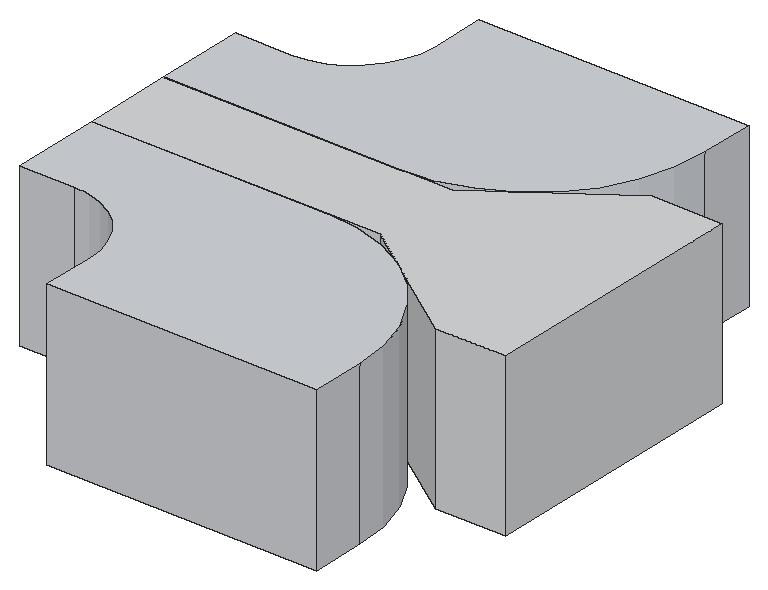
Revit family "P3 - Dynamic Reduction with 2 Rectangular Curves", category Duct Fittings, Revit 2015
Parameters (values of type "default")
  Ɛ (Roughness) = 0.03 mm
  iA2_Sx [instance] = if([P3 - AngleLt] = 90.00°, ([P3 - A Width_1Lt] + [P3 - IntRadiusLt (minimum)]) / cos([P3 - AngleLt] - 0.10°), ([P3 - A Width_1Lt] + [P3 - IntRadiusLt (minimum)]) / cos([P3 - AngleLt]))  # 181436.727 mm
  iA1_Sx [instance] = if([P3 - AngleLt] = 90.00°, ([P3 - M Width_2Lt] + [P3 - IntRadiusLt (minimum)]) / cos([P3 - AngleLt] - 0.10°), ([P3 - M Width_2Lt] + [P3 - IntRadiusLt (minimum)]) / cos([P3 - AngleLt]))  # 372422.756 mm
  P3 - IntRadiusRt (minimum) [instance] = if([P3 - IntRadius (suggested)] > [P3 - IntRadiusRt (alternative)], [P3 - IntRadius (suggested)], [P3 - IntRadiusRt (alternative)])  # 150 mm
  P3 - IntRadiusLt (minimum) [instance] = if([P3 - IntRadius (suggested)] > [P3 - IntRadiusLt (alternative)], [P3 - IntRadius (suggested)], [P3 - IntRadiusLt (alternative)])  # 150 mm
  P3 - IntRadius (suggested) [instance] = if([P3 - B Depth] < 500 mm, 150 mm, if([P3 - B Depth] > 1000 mm, 250 mm, 200 mm))  # 150 mm
  P3 - Capitolato = "http://www.p3italy.it/pagine/it-capitolati"
  P3 - C Width [instance] = 500 mm
  DeltaR2_Sx [instance] = ([P3 - M Width_2Lt] + [P3 - IntRadiusLt (minimum)] - iA2_Sx) / (1 - cos([P3 - AngleLt])) + 10 mm  # -180776.727 mm
  DeltaR1_Sx [instance] = ([P3 - A Width_1Lt] + [P3 - IntRadiusLt (minimum)] - iA1_Sx) / (1 - cos([P3 - AngleLt])) + 10 mm  # -372096.089 mm
  Case2_Sx [instance] = if(iA2_Sx > ([P3 - M Width_2Lt] + [P3 - IntRadiusLt (minimum)]), [P3 - IntRadiusLt (minimum)], [P3 - IntRadiusLt (minimum)] + DeltaR2_Sx)  # 150 mm
  Case1_Sx [instance] = if(iA1_Sx > ([P3 - A Width_1Lt] + [P3 - IntRadiusLt (minimum)]), [P3 - IntRadiusLt (minimum)], [P3 - IntRadiusLt (minimum)] + DeltaR1_Sx)  # 150 mm
  P3 - IntRadiusRt (alternative) [instance] = 0 mm
  P3 - IntRadiusLt (alternative) [instance] = 0 mm
  DeltaR2_Dx [instance] = ([P3 - N Width_2Rt] + [P3 - IntRadiusRt (minimum)] - iA2_Dx) / (1 - cos([P3 - AngleRt])) + 10 mm  # -180776.727 mm
  DeltaR1_Dx [instance] = ([P3 - Q Width_1Rt] + [P3 - IntRadiusRt (minimum)] - iA1_Dx) / (1 - cos([P3 - AngleRt])) + 10 mm  # -372096.089 mm
  iA2_Dx [instance] = if([P3 - AngleRt] = 90.00°, ([P3 - Q Width_1Rt] + [P3 - IntRadiusRt (minimum)]) / cos([P3 - AngleRt] - 0.10°), ([P3 - Q Width_1Rt] + [P3 - IntRadiusRt (minimum)]) / cos([P3 - AngleRt]))  # 181436.727 mm
  iA1_Dx [instance] = if([P3 - AngleRt] = 90.00°, ([P3 - N Width_2Rt] + [P3 - IntRadiusRt (minimum)]) / cos([P3 - AngleRt] - 0.10°), ([P3 - N Width_2Rt] + [P3 - IntRadiusRt (minimum)]) / cos([P3 - AngleRt]))  # 372422.756 mm
  URL = "http://www.p3italy.it/"
  Reduction Angle Left [instance] = 35.00°
  Reducion Angle Right [instance] = 35.00°
  P3 - X Misalignement [instance] = 0 mm
  P3 - V Height1_Rt [instance] = [P3 - L Height1_Lt]  # 100 mm
  P3 - Right_Bend_Angle [instance] = 35.00°
  P3 - R4D_Sx [instance] = 0 mm
  P3 - R4D_Dx [instance] = 0 mm
  P3 - R3D_Sx [instance] = 0 mm
  P3 - R3D_Dx [instance] = 0 mm
  P3 - R2D_Sx [instance] = 0 mm
  P3 - R2D_Dx [instance] = 0 mm
  P3 - R1D_Sx [instance] = 0 mm
  P3 - R1D_Dx [instance] = 0 mm
  P3 - Q Width_1Rt [instance] = if([P3 - Q Width_1Rt (alternative)] = 0 mm, [P3 - C Width] / 3, [P3 - Q Width_1Rt (alternative)])  # 166.667 mm
  P3 - P Width_3 [instance] = 500 mm
  P3 - N Width_2Rt [instance] = 500 mm
  P3 - M Width_2Lt [instance] = 500 mm
  P3 - Left_Bend_Angle [instance] = 35.00°
  P3 - L Height1_Lt [instance] = 100 mm
  P3 - K Line3_Rt [instance] = 128.797 mm
  P3 - J Line2_Rt [instance] = 100 mm
  P3 - IntRadiusRt [instance] = if([P3 - Q Width_1Rt] > [P3 - N Width_2Rt], Case1_Dx, Case2_Dx)  # 150 mm
  P3 - IntRadiusLt [instance] = if([P3 - A Width_1Lt] > [P3 - M Width_2Lt], Case1_Sx, Case2_Sx)  # 150 mm
  P3 - I Line_Rt [instance] = if(Duct Lenght left < Duct Lenght right, [P3 - L Height1_Lt], Duct Lenght left - Duct Lenght right + [P3 - L Height1_Lt])  # 100 mm
  P3 - H Height [instance] = 900 mm
  P3 - G Line3_Lt [instance] = 100 mm
  P3 - F Line2_Lt [instance] = 100 mm
  P3 - ExtRadiusRt [instance] = 316.667 mm
  P3 - ExtRadiusLt [instance] = 316.667 mm
  P3 - E Line_Lt [instance] = if(Duct Lenght left < Duct Lenght right, Duct Lenght right - Duct Lenght left + [P3 - L Height1_Lt], [P3 - L Height1_Lt])  # 100 mm
  P3 - Dos_Name = "Dynamic Reduction with 2 rectangular cur"
  P3 - Code = 854
  P3 - B Depth [instance] = 300 mm
  P3 - Article = "pezzo854.dll"
  P3 - AngleRt [instance] = 90.00°
  P3 - AngleLt [instance] = 90.00°
  P3 - A Width_1Lt [instance] = if([P3 - A Width_1Lt (alternative)] = 0 mm, [P3 - C Width] / 3, [P3 - A Width_1Lt (alternative)])  # 166.667 mm
  P3 - A Width_1Lt (alternative) [instance] = 0 mm
  Duct Width_3 end [instance] = if([P3 - P Width_3] > Duct Width 3 start, [P3 - P Width_3], Duct Width 3 start + 1 mm)  # 500 mm
  Duct Width 3 start [instance] = [P3 - C Width] - [P3 - Q Width_1Rt] - [P3 - A Width_1Lt]  # 166.667 mm
  P3 - Material = P3 - Alluminio
  P3 - Q Width_1Rt (alternative) [instance] = 0 mm
  Duct Lenght right [instance] = (([P3 - N Width_2Rt] / 2) + ([P3 - IntRadiusRt])) * tan([P3 - AngleRt] / 2)  # 400 mm
  Duct Lenght left [instance] = (([P3 - M Width_2Lt] / 2) + ([P3 - IntRadiusLt])) * tan([P3 - AngleLt] / 2)  # 400 mm
  Duct Lenght [instance] = if(Duct Lenght left < Duct Lenght right, Duct Lenght right, Duct Lenght left)  # 400 mm
  Case2_Dx [instance] = if(iA2_Dx > ([P3 - N Width_2Rt] + [P3 - IntRadiusRt (minimum)]), [P3 - IntRadiusRt (minimum)], [P3 - IntRadiusRt (minimum)] + DeltaR2_Dx)  # 150 mm
  Case1_Dx [instance] = if(iA1_Dx > ([P3 - Q Width_1Rt] + [P3 - IntRadiusRt (minimum)]), [P3 - IntRadiusRt (minimum)], [P3 - IntRadiusRt (minimum)] + DeltaR1_Dx)  # 150 mm
Reference planes
  plane 1 "Center (Front/Back)": y = 0
  plane 2: z = 0
  plane 3 "Center (Left/Right)": x = 0
  plane 4: z = 150
  plane 5: z = -150
  plane 6: x = -500
  plane 7: x = -400
  plane 8: y = 250
  plane 9: y = -250
  plane 10: y = 0
  plane 11: y = 250
  plane 12: y = -250
  plane 13: y = 83.333
  plane 14: y = -83.333
  plane 15: y = 0
  plane 16: x = 400
  plane 17: x = 271.203
Forms (mm)
  Extrusion 1, void
    sketch origin (0, 0, 0) x (1, 0, 0) y (0, 1, 0)
      loop
        line (-501, -250) -> (-500, -250) -> (-500, 250) -> (-501, 250) -> (-501, -250)
    from -150 to 150
  Extrusion 2, solid, material "P3 - Alluminio" <- "P3 - Material", detail levels medium+fine
    sketch origin (54.315, -70, 0) x (1, 0, 0) y (0, 1, 0)
      loop
        line (-554.315, -13.333) -> (-21.137, -13.333) -> (216.888, -180) -> (345.685, -180) -> (345.685, 320) -> (216.888, 320) -> (-21.137, 153.333) -> (-554.315, 153.333) -> (-554.315, -13.333)
    from -150 to 150
Lines and regions (mm)
  model lines, detail levels coarse
    curve 1: line (400, 0, 0) -> (-500, 0, 0)
    curve 2: line (0, -150, 0) -> (0, -146.921, 0)
    curve 3: line (0, -500, 0) -> (0, 0, 0)
    curve 4: line (0, 500, 0) -> (0, 0, 0)
Dimensions and locks
  equal spacing: plane 4, level, plane 5
  "P3 - B Depth": plane 4 to plane 5
  "Duct Lenght": plane 7 to plane 3 "Center (Left/Right)"
  "P3 - L Height1_Lt": plane 6 to plane 7
  equal spacing: plane 8, plane 1 "Center (Front/Back)", plane 9
  "P3 - C Width": plane 8 to plane 9
  locked: Extrusion 1 sketch curve to Extrusion 1 sketch curve at 1
  equal spacing: plane 11, plane 10, plane 12
  "Duct Width_3 end": plane 11 to plane 12
  "P3 - K Line3_Rt": Extrusion 2 sketch curve to Extrusion 2 sketch curve
  "P3 - A Width_1Lt": plane 8 to plane 13
  "Duct Width 3 start": plane 13 to plane 14
  equal spacing: plane 13, plane 15, plane 14
  "P3 - X Misalignement": plane 15 to plane 10
  equal spacing: nested 1, curve 3, nested 1
  equal spacing: nested 2, curve 4, nested 2
  "P3 - H Height": plane 6 to Extrusion 2
  "P3 - ExtRadiusLt": radius of nested 2
  "P3 - ExtRadiusRt": radius of nested 1
  locked: nested 1 to curve 3 (angle 90.00°)
  locked: curve 4 to nested 2 (angle 90.00°)
  "P3 - Left_Bend_Angle": angle plane 1 "Center (Front/Back)" to Extrusion 2
  "P3 - Right_Bend_Angle": angle Extrusion 2 to plane 1 "Center (Front/Back)"
  aligned and locked: plane 3 "Center (Left/Right)" to nested 1
  aligned and locked: curve 1 to plane 6
  aligned and locked: plane 9 to nested 1
  aligned and locked: Extrusion 1 sketch curve to plane 6
  aligned and locked: Extrusion 1 sketch curve to plane 9
  aligned and locked: Extrusion 1 sketch curve to plane 8
  aligned and locked: plane 6 to Extrusion 2 sketch curve
  aligned and locked: Extrusion 2 sketch curve to nested 1  (x2)
  aligned and locked: Extrusion 1 to plane 5
  aligned and locked: plane 4 to Extrusion 1
  aligned and locked: plane 4 to Extrusion 2
  aligned and locked: Extrusion 2 to plane 5
  aligned and locked: nested 2 to plane 8
  aligned and locked: nested 2 to plane 3 "Center (Left/Right)"
  aligned and locked: Extrusion 2 sketch curve to nested 2
  aligned and locked: Extrusion 2 sketch curve to plane 11
  aligned and locked: plane 12 to Extrusion 2 sketch curve
  aligned and locked: Extrusion 2 sketch curve to plane 13
  aligned and locked: nested 1 to curve 3
  aligned and locked: Extrusion 2 to curve 1
  aligned and locked: plane 1 "Center (Front/Back)" to curve 3
  aligned and locked: nested 2 to curve 4
  aligned and locked: plane 1 "Center (Front/Back)" to curve 4
  aligned and locked: plane 17 to Extrusion 2
  aligned and locked: Extrusion 2 to plane 16
Automatic sketch dimensions
  curve 2 to curve 2 = 3.079 mm
  curve 2 to plane 3 "Center (Left/Right)" = 0 mm
  curve 2 to plane 9 = 100 mm
Nested families
  nested 1: "P3 - Rectangular Curve" at (-1500, -83.333, 0) x (0, -1, 0) z (0, 0, 1), Angle <- "P3 - AngleRt", Raggio int <- "P3 - IntRadiusRt", Duct Width 1 <- "P3 - Q Width_1Rt", Duct Width 2 <- "P3 - N Width_2Rt", Duct Height <- "P3 - B Depth", Retta2 <- "P3 - J Line2_Rt", Reduction Angle <- "Reducion Angle Right", Retta1 <- "P3 - I Line_Rt", type "Right", detail levels medium+fine
    with Ry 514.966 mm, Rx 57.269 mm, Retta3/sen(AngleRight) 416.667 mm, Retta2 100 mm, Retta1 100 mm, Reduction Angle 35.00°, Raggio int 150 mm, Qx 83.333 mm, Py 400 mm, Px 416.667 mm, Oy 650 mm, Ox 0 mm, Ny 650 mm, Nx 0 mm, NO 0 mm, NL 447.834 mm, NG 316.667 mm, My 0 mm, Mx 316.667 mm, Ly 333.333 mm, Lx 316.667 mm, Iy 333.333 mm, Ix 0 mm, Hy 650 mm, Hx 316.667 mm, HL 316.667 mm, Gy 650 mm, Gx 316.667 mm, Fy 650 mm, Fx 416.667 mm, Ey 150 mm, Ex 416.667 mm, Dy 150 mm, Dx 316.667 mm, Duct Width 2 500 mm, Duct Width 1 166.667 mm, Duct Lenght 400 mm, Duct Height 300 mm, Cy 0 mm, Cx 166.667 mm, By 100 mm, Bx 166.667 mm, Ay 100 mm, Ax 0 mm, Angle 90.00°
  nested 2: "P3 - Rectangular Curve" at (-1500, 83.333, 0) x (0, 1, 0) z (0, 0, 1), Angle <- "P3 - AngleLt", Raggio int <- "P3 - IntRadiusLt", Duct Width 1 <- "P3 - A Width_1Lt", Duct Width 2 <- "P3 - M Width_2Lt", Duct Height <- "P3 - B Depth", Retta2 <- "P3 - F Line2_Lt", Reduction Angle <- "Reduction Angle Left", Retta1 <- "P3 - E Line_Lt", type "Left", detail levels medium+fine
    with Ry 514.966 mm, Rx 57.269 mm, Retta3/sen(AngleRight) 416.667 mm, Retta2 100 mm, Retta1 100 mm, Reduction Angle 35.00°, Raggio int 150 mm, Qx 83.333 mm, Py 400 mm, Px 416.667 mm, Oy 650 mm, Ox 0 mm, Ny 650 mm, Nx 0 mm, NO 0 mm, NL 447.834 mm, NG 316.667 mm, My 0 mm, Mx 316.667 mm, Ly 333.333 mm, Lx 316.667 mm, Iy 333.333 mm, Ix 0 mm, Hy 650 mm, Hx 316.667 mm, HL 316.667 mm, Gy 650 mm, Gx 316.667 mm, Fy 650 mm, Fx 416.667 mm, Ey 150 mm, Ex 416.667 mm, Dy 150 mm, Dx 316.667 mm, Duct Width 2 500 mm, Duct Width 1 166.667 mm, Duct Lenght 400 mm, Duct Height 300 mm, Cy 0 mm, Cx 166.667 mm, By 100 mm, Bx 166.667 mm, Ay 100 mm, Ax 0 mm, Angle 90.00°
Connectors
  hvac at (-500, 0, 0), driven by "P3 - B Depth", driven by "P3 - C Width"
    settings: on Extrusion 1, index 8, duct flow 0.0 L/s, flow factor 0, pres drop 0.0 Pa, loss coef 0, conn angle 0.00°, conn width 500 mm, conn height 300 mm, conn diameter 609.6 mm, duct sys type 28, conn prof type 1, flow config 0, flow direction 0, loss method 0, conn ref index -1, conn util no, is conn primary yes, conn desc ""
  hvac at (400, 0, 0), driven by "P3 - B Depth", driven by "P3 - P Width_3"
    settings: on Extrusion 2, index 9, duct flow 0.0 L/s, flow factor 0, pres drop 0.0 Pa, loss coef 0, conn angle 0.00°, conn width 500 mm, conn height 300 mm, conn diameter 609.6 mm, duct sys type 28, conn prof type 1, flow config 0, flow direction 0, loss method 0, conn ref index -1, conn util no, is conn primary no, conn desc ""
  hvac at (0, -500, 0), driven by "P3 - B Depth", driven by "P3 - N Width_2Rt"
    settings: on nested 1, index 10, duct flow 0.0 L/s, flow factor 0, pres drop 0.0 Pa, loss coef 0, conn angle 0.00°, conn width 500 mm, conn height 300 mm, conn diameter 609.6 mm, duct sys type 28, conn prof type 1, flow config 0, flow direction 0, loss method 0, conn ref index -1, conn util no, is conn primary no, conn desc ""
  hvac at (0, 500, 0), driven by "P3 - B Depth", driven by "P3 - M Width_2Lt"
    settings: on nested 2, index 11, duct flow 0.0 L/s, flow factor 0, pres drop 0.0 Pa, loss coef 0, conn angle 0.00°, conn width 500 mm, conn height 300 mm, conn diameter 609.6 mm, duct sys type 28, conn prof type 1, flow config 0, flow direction 0, loss method 0, conn ref index -1, conn util no, is conn primary no, conn desc ""
Definition of nested family "P3 - Rectangular Curve"
  Parameters (values of type "default")
    Ry [instance] = Lx * sin(Reduction Angle) + Iy  # 950 mm
    Rx [instance] = Lx - Lx * cos(Reduction Angle)  # 200.962 mm
    Reduction Angle [instance] = 30.00°
    Qx [instance] = Bx / 2  # 500 mm
    Py [instance] = Ey + (Fy - Ey) / 2  # 1100 mm
    Px [instance] = Fx + (Ex - Fx) / 2  # 1600 mm
    Oy [instance] = Gy  # 1700 mm
    Ox [instance] = 0 mm  # constant formula
    Ny [instance] = Oy - NO  # 1700 mm
    Nx [instance] = 0 mm  # constant formula
    My [instance] = 0 mm  # constant formula
    Iy [instance] = if(Duct Width 1 < Duct Width 2, Gy - NO - NG, 0 mm)  # 200 mm
    Ix [instance] = 0 mm  # constant formula
    HL [instance] = Lx  # 1500 mm
    Dy [instance] = Raggio int * sin(Angle)  # 500 mm
    Retta2 [instance] = 100 mm
    Retta3/sen(AngleRight) [instance] = (Retta2 / sin(Angle)) + (Raggio int) + (Duct Width 1)  # 1600 mm
    Dx [instance] = Duct Width 1 + Raggio int - (Raggio int * cos(Angle))  # 1500 mm
    Raggio int [instance] = 500 mm
    Retta1 [instance] = 100 mm
    NL [instance] = if(Duct Width 1 < Duct Width 2, NG / sin(Angle / 2), (Gy - NO) / sin(Angle / 2))  # 2121.32 mm
    NG [instance] = Gx / sin(Angle)  # 1500 mm
    P3 - Material = none
    Gy [instance] = (Duct Width 2 + Raggio int) * sin(Angle)  # 1700 mm
    Gx [instance] = (Duct Width 1 + Raggio int) - ((Duct Width 2 + Raggio int) * cos(Angle))  # 1500 mm
    Fy [instance] = Gy + Retta2 * cos(Angle)  # 1700 mm
    Fx [instance] = Gx + Retta2 * sin(Angle)  # 1600 mm
    Ey [instance] = Dy + Retta2 * cos(Angle)  # 500 mm
    Ex [instance] = Dx + Retta2 * sin(Angle)  # 1600 mm
    Duct Width 1 [instance] = 1000 mm
    Duct Width 2 [instance] = 1200 mm
    Mx [instance] = Duct Width 1 + Raggio int  # 1500 mm
    Duct Lenght [instance] = ((Duct Width 2 / 2) + (Raggio int)) * tan(Angle / 2)  # 1100 mm
    Duct Height [instance] = 400 mm
    Ly [instance] = Iy  # 200 mm
    Lx [instance] = NL * cos(Angle / 2)  # 1500 mm
    Cy [instance] = 0 mm  # constant formula
    Cx [instance] = Duct Width 1  # 1000 mm
    By [instance] = Retta1  # 100 mm
    Bx [instance] = Duct Width 1  # 1000 mm
    NO [instance] = NG * cos(Angle)  # 0 mm
    Hy [instance] = HL * sin(Angle) + Iy  # 1700 mm
    Ay [instance] = Retta1  # 100 mm
    Ax [instance] = 0 mm  # constant formula
    Hx [instance] = Lx - HL * cos(Angle)  # 1500 mm
    Angle [instance] = 90.00°
  Types (3, lengths in mm): name | Ry | Rx | Reduction Angle | Py | Oy | Ny | Iy | Gy | Fy | Duct Width 2 | Duct Lenght | Ly | Hy
    default | 950 | 200.962 | 30.00° | 1100 | 1700 | 1700 | 200 | 1700 | 1700 | 1200 | 1100 | 200 | 1700
    Right | 0 | 0 | 0.00° | 1000 | 1500 | 1500 | 0 | 1500 | 1500 | 1000 | 1000 | 0 | 1500
    Left | 0 | 0 | 0.00° | 1000 | 1500 | 1500 | 0 | 1500 | 1500 | 1000 | 1000 | 0 | 1500
  Reference planes
    plane 1 "Center (Front/Back)": y = 400
    plane 2: z = 0
    plane 3 "Center (Left/Right)": x = 0
    plane 4: z = 200
    plane 5: z = -200
    plane 6: x = 0
    plane 7: y = 400
    plane 8: y = 1500
  Forms (mm)
    Extrusion 1, solid, material <- "P3 - Material"
      sketch origin (0, 0, 0) x (1, 0, 0) y (0, 1, 0)
        loop
          line (0, 300) -> (1000, 300) -> (1000, 400)
          arc (1000, 400) -> (1146.447, 753.553) -> (1500, 900) r 500
          line (1500, 900) -> (1600, 900) -> (1600, 2100) -> (1500, 2100)
          arc (1500, 2100) -> (439.34, 1660.66) -> (0, 600) r 1500
          line (0, 600) -> (0, 300)
      from -200 to 200
  Lines and regions (mm)
    reference lines
      curve 1: line (1500, 600, 0) -> (200.962, 1350, 0)
      curve 2: line (633.975, 2100, 0) -> (-58.846, 900, 0)
  Dimensions and locks
    equal spacing: plane 4, level, plane 5
    "Duct Height": plane 4 to plane 5
    "Fx": plane 6 to Extrusion 1 sketch curve
    "Ex": plane 6 to Extrusion 1 sketch curve
    "Ax": plane 6 to Extrusion 1 sketch curve
    "Bx": plane 6 to Extrusion 1 sketch curve
    "Ey": Extrusion 1 sketch curve to plane 7
    "Fy": Extrusion 1 sketch curve to plane 7
    "Ay": plane 7 to Extrusion 1 sketch curve
    "By": plane 7 to Extrusion 1 sketch curve
    "Hx": plane 6 to Extrusion 1 sketch curve
    "Hy": Extrusion 1 sketch curve to plane 7
    "Iy": Extrusion 1 sketch curve to plane 7
    "Ix": plane 6 to Extrusion 1 sketch curve
    "Cy": plane 7 to Extrusion 1 sketch curve
    "Cx": plane 6 to Extrusion 1 sketch curve
    "Dx": plane 6 to Extrusion 1 sketch curve
    "Dy": Extrusion 1 sketch curve to plane 7
    locked: plane 6 to plane 3 "Center (Left/Right)" at 0
    locked: plane 1 "Center (Front/Back)" to plane 7 at 0
    "Duct Lenght": plane 1 "Center (Front/Back)" to plane 8
    "Ly": plane 1 "Center (Front/Back)" to curve 1
    "Lx": plane 6 to curve 1
    "Rx": plane 6 to curve 1
    "Ry": plane 1 "Center (Front/Back)" to curve 1
    "Ey": plane 1 "Center (Front/Back)" to curve 2
    "Fy": plane 1 "Center (Front/Back)" to curve 2
    "Lx": radius of Extrusion 1 sketch curve
    "Raggio int": radius of Extrusion 1 sketch curve
    locked: curve 1 to curve 2 (angle 90.00°)
    aligned and locked: plane 4 to Extrusion 1
    aligned and locked: Extrusion 1 to plane 5
